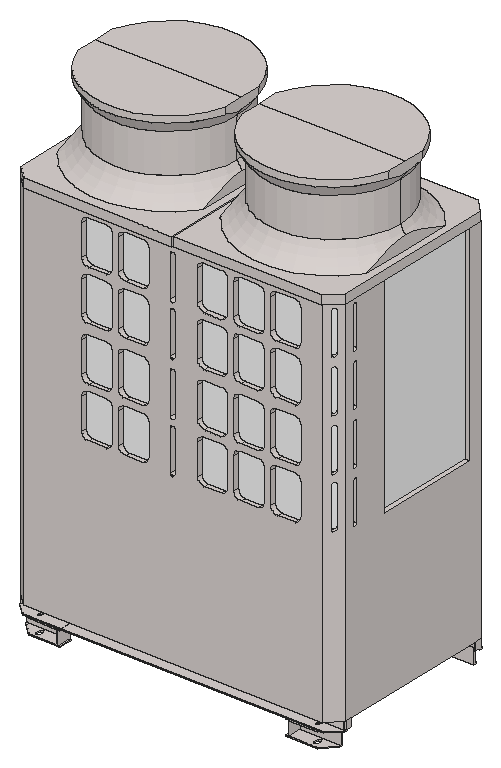
Revit family "PUHY-EM450YNW-A1", category 機械設備, Revit 2016 (continued)
Dimensions and locks
  curve 89 to cut or joined group 1 (Extrusion 1, Extrusion 2, Extrusion 3, Extrusion 4, Extrusion 5, Extrusion 6, Extrusion 7, Extrusion 8, Extrusion 9, Extrusion 10, Extrusion 11, Extrusion 12, Extrusion 13, Extrusion 14, Extrusion 15, Extrusion 16, Extrusion 17, Extrusion 18, Extrusion 19, Extrusion 20, Extrusion 21, Extrusion 22, Extrusion 23, Extrusion 24, Extrusion 25, Extrusion 26, Extrusion 27, Extrusion 28, Extrusion 29, Extrusion 30, Extrusion 31, Extrusion 32, Extrusion 33) = 216.000 mm
  cut or joined group 1 to curve 4 to curve 2 = 128.000 mm, 150.000 mm
  cut or joined group 1 to curve 1 to curve 3 = 79.000 mm, 94.000 mm
  Extrusion 32 sketch curve to nested 7 = 116.000 mm
  cut or joined group 1 to Extrusion 32 sketch curve = 160.000 mm
  cut or joined group 1 to Extrusion 33 sketch curve = 243.000 mm
  Extrusion 33 sketch curve to nested 7 = 116.000 mm
  aligned and locked: level to plane 2
  aligned and locked: Extrusion 1 to plane 4
Nested families
  nested 1: "FAN GUARD" at (-311.5, 0, 860), type "FAN GUARD"
    with WIDTH 870.000 mm
  nested 2: "FAN GUARD" at (311.5, 0, 860) x (-1, 0, 0) z (0, 0, 1), type "FAN GUARD"
    with WIDTH 870.000 mm
  nested 3: "ATTACHMENT LEG" at (-524, -349, 0), type "ATTACHMENT LEG"
  nested 4: "ATTACHMENT LEG" at (-524, 349, 0), type "ATTACHMENT LEG"
  nested 5: "ATTACHMENT LEG" at (524, -349, 0) x (-1, 0, 0) z (0, 0, 1), type "ATTACHMENT LEG"
  nested 6: "ATTACHMENT LEG" at (524, 349, 0) x (-1, 0, 0) z (0, 0, 1), type "ATTACHMENT LEG"
  nested 7: "BASE LEG_L" at (0, -352, 60), type "BASE LEG_L"
    with Width 1240.000 mm
  nested 8: "BASE LEG_L" at (0, 352, 60), type "BASE LEG_L"
    with Width 1240.000 mm
Connectors
  piping at (-460, -191, 176), diameter 15.88, driven by "Liquid pipe_radius"
    settings: on cut or joined group 1, index 3, connector inside diameter 15.88 mm, connector length 0.000 mm, flow factor 0, pipe flow 0.0 L/s, pressure drop 0.0 Pa, fitting loss kfactor 0, connector angle 0.00°, fixture units 0, engagement length 0.000 mm, angle of deflection 0.00°, flow configuration 0, flow direction 0, fitting loss method 0, system type 22, joint type 0, gender type 0, connector reference index -1, connector utility 0, adjustable connector no, is connector primary yes, connector description "Refrigerant service valve<Liquid pipe>"
  piping at (-377, -191, 176), diameter 28.58, driven by "Gas pipe_radius"
    settings: on cut or joined group 1, index 4, connector inside diameter 28.58 mm, connector length 0.000 mm, flow factor 0, pipe flow 0.0 L/s, pressure drop 0.0 Pa, fitting loss kfactor 0, connector angle 0.00°, fixture units 0, engagement length 0.000 mm, angle of deflection 0.00°, flow configuration 0, flow direction 0, fitting loss method 0, system type 22, joint type 0, gender type 0, connector reference index -1, connector utility 0, adjustable connector no, is connector primary no, connector description "Refrigerant service valve<Gas>"
  electrical at (0, -370, 808), driven by "Phase", driven by "Voltage"
    settings: on cut or joined group 1, index 5, voltage 380 V, apparent load 0 VA, apparent load phase1 0 VA, apparent load phase2 0 VA, apparent load phase3 0 VA, power factor 1, load classification "HVAC", number of poles 3, system type 30, power factor state 1, is connector primary yes, connector utility no, sub classification motor no, connector description ""
Definition of nested family "FAN GUARD"
  Parameters
    WIDTH [instance] = 870.000 mm
  Reference planes
    plane 1 "中心(正面/背面)": y = 0
    plane 2: z = 0
    plane 3 "ファンガード基準面": z = 661
    plane 4: y = 368
    plane 5: x = 366
    plane 6: x = -375
    plane 7 "ファンガード基準上面": z = 695
    plane 8 "ファンガード上面": z = 998
    plane 9: x = -273.971
    plane 10: x = 308.5
    plane 11: x = -308.5
    plane 12: x = 0
  Forms (mm)
    Extrusion 1, solid
      sketch origin (85, 0, 661) x (-1, 0, 0) y (0, -1, 0)
        loop
          line (343.5, -368) -> (393.5, -318) -> (393.5, 322) -> (342.5, 373) -> (-223.5, 373) -> (-223.5, -368) -> (343.5, -368)
      from 0 to 34
    Revolve 2, solid
      sketch origin (0, 0, 0) x (1, 0, 0) y (0, 0, 1)
        loop
          line (0, 695) -> (0, 998) -> (-290, 998) -> (-290, 972.327) -> (-260, 928.372) -> (-260, 777.384)
          arc (-260, 777.384) -> (-290.651, 730.137) -> (-334.665, 695) r 175.882
          line (-334.665, 695) -> (0, 695)
        axis (0, 998) -> (0, 695)
      angle from 0 to 360
    Extrusion 3, void
      sketch origin (-840, 75, 695) x (-1, 0, 0) y (0, -1, 0)
        loop
          line (-410, -165) -> (-410, 315) -> (-561.253, 315) -> (-561.253, -165) -> (-410, -165)
      from -35 to 430.592
    Extrusion 4, void
      sketch origin (840, 75, 695) x (1, 0, 0) y (0, 1, 0)
        loop
          line (-410, 165) -> (-561.253, 165) -> (-561.253, -315) -> (-410, -315) -> (-410, 165)
      from 0 to 430.592
  Cuts and joins
    Extrusion 3, Extrusion 4 cuts Revolve 2
    Extrusion 4 cuts Extrusion 1
  Lines and regions (mm)
    model lines
      curve 1: line (-278.747, 0, 998) -> (-80, 0, 998)
      curve 2: line (80, 0, 998) -> (278.747, 0, 998)
      curve 3: circle (0, 0, 998) r 80 normal (0, 0, 1)
      curve 4: line (-278.747, -80, 998) -> (278.747, -80, 998)
      curve 5: line (-241.868, -160, 998) -> (241.868, -160, 998)
      curve 6: line (-162.788, -240, 998) -> (162.788, -240, 998)
      curve 7: line (-278.747, 80, 998) -> (278.747, 80, 998)
      curve 8: line (-241.868, 160, 998) -> (240, 160, 998)
      curve 9: line (-160, 240, 998) -> (162.788, 240, 998)
      curve 10: line (0, 290, 998) -> (0, -290, 998)
      curve 11: line (-20, 289.31, 998) -> (-20, -289.31, 998)
      curve 12: line (-40, 287.228, 998) -> (-40, -287.228, 998)
      curve 13: line (-60, 283.725, 998) -> (-60, -283.725, 998)
      curve 14: line (-80, 278.747, 998) -> (-80, -278.747, 998)
      curve 15: line (20, 289.31, 998) -> (20, -289.31, 998)
      curve 16: line (40, 287.228, 998) -> (40, -287.228, 998)
      curve 17: line (60, 283.725, 998) -> (60, -283.725, 998)
      curve 18: line (80, 278.747, 998) -> (80, -278.747, 998)
      curve 19: line (100, 272.213, 998) -> (100, -272.213, 998)
      curve 20: line (120, 264.008, 998) -> (120, -264.008, 998)
      curve 21: line (140, 253.969, 998) -> (140, -253.969, 998)
      curve 22: line (160, 241.868, 998) -> (160, -243.132, 998)
      curve 23: line (180, 227.376, 998) -> (180, -227.624, 998)
      curve 24: line (200, 210, 998) -> (200, -210, 998)
      curve 25: line (220, 188.944, 998) -> (220, -188.944, 998)
      curve 26: line (240, 160, 998) -> (240, -162.788, 998)
      curve 27: line (260, 128.452, 998) -> (260, -128.452, 998)
      curve 28: line (-100, 272.213, 998) -> (-100, -272.213, 998)
      curve 29: line (-120, 264.008, 998) -> (-120, -264.008, 998)
      curve 30: line (-140, 253.969, 998) -> (-140, -253.969, 998)
      curve 31: line (-160, 240, 998) -> (-160, -241.868, 998)
      curve 32: line (-180, 227.376, 998) -> (-180, -227.376, 998)
      curve 33: line (-200, 210, 998) -> (-200, -210, 998)
      curve 34: line (-220, 188.944, 998) -> (-220, -188.944, 998)
      curve 35: line (-240, 162.788, 998) -> (-240, -162.788, 998)
      curve 36: line (-260, 128.452, 998) -> (-260, -128.452, 998)
      curve 37: line (10, 79.373, 998) -> (10, -79.373, 998)
      curve 38: line (-10, 79.373, 998) -> (-10, -79.373, 998)
      curve 39: line (30, 74.162, 998) -> (30, -74.162, 998)
      curve 40: line (50, 62.45, 998) -> (50, -62.45, 998)
      curve 41: line (70, 38.73, 998) -> (70, -38.73, 998)
      curve 42: line (-30, 74.162, 998) -> (-30, -74.162, 998)
      curve 43: line (-50, 62.45, 998) -> (-50, -62.45, 998)
      curve 44: line (-70, 38.73, 998) -> (-70, -38.73, 998)
  Dimensions and locks
    locked: plane 8 "ファンガード上面" to plane 7 "ファンガード基準上面" at 303
    plane 8 "ファンガード上面" to plane 3 "ファンガード基準面" = 337.000 mm
    Revolve 2 sketch curve to Revolve 2 sketch curve = 290.000 mm
    Extrusion 1 sketch curve to Extrusion 1 sketch curve = 741.000 mm
    equal spacing: Extrusion 1 sketch curve, plane 1 "中心(正面/背面)", Extrusion 1 sketch curve
    plane 6 to plane 5 = 741.000 mm
    Extrusion 1 sketch curve to Extrusion 1 sketch curve = 617.000 mm
    plane 11 to plane 10 = 617.000 mm
    cut or joined group of Extrusion 1, Extrusion 4 to cut or joined group of Extrusion 1, Extrusion 4 = 617.000 mm
    cut or joined group of Extrusion 1, Extrusion 4 to cut or joined group of Extrusion 1, Extrusion 4 = 741.000 mm
    aligned and locked: level to plane 2
    aligned and locked: plane 7 "ファンガード基準上面" to Extrusion 1
    aligned and locked: plane 3 "ファンガード基準面" to Extrusion 1
    aligned and locked: cut or joined group of Revolve 2, Extrusion 3, Extrusion 4 to plane 8 "ファンガード上面"
Definition of nested family "ATTACHMENT LEG"
  Parameters
    Width = 145.000 mm
  Reference planes
    plane 1: z = 0
    plane 2 "中心(左/右)": x = -6
    plane 3: x = -52
    plane 4: x = 85
    plane 5: x = 93
    plane 6: y = -21
    plane 7: y = 27
    plane 8: x = -30
    plane 9: y = 39
    plane 10: z = 60
    plane 11: z = 57
    plane 12: z = 3
    plane 13: x = 82
    plane 14: y = 36
    plane 15: x = -75
    plane 16: y = 31
    plane 17 "幅": x = 93
    plane 18: y = 2.5
    plane 19: y = 21
    plane 20: y = -10
  Forms (mm)
    Extrusion 1, solid
      sketch origin (0, -1, 0) x (1, 0, 0) y (0, 1, 0)
        loop
          line (-75, 36) -> (-75, 27) -> (-28, -20) -> (93, -20) -> (93, 32) -> (85, 32) -> (85, 36) -> (-75, 36)
      from 0 to 60
    Extrusion 2, void
      sketch origin (0, -3, 0) x (1, 0, 0) y (0, 0, 1)
        loop
          line (-75, 57) -> (-75, 3) -> (82, 3) -> (82, 57) -> (-75, 57)
        loop
          line (93, 57) -> (85, 57) -> (85, 3) -> (93, 3) -> (93, 57)
      from -35 to 18
    Extrusion 3, void
      sketch origin (-6, 5.5, 0) x (1, 0, 0) y (0, 1, 0)
        loop
          arc (-7, -8.5) -> (0, -15.5) -> (7, -8.5) r 7
          line (7, -8.5) -> (7, 8.5)
          arc (7, 8.5) -> (0, 15.5) -> (-7, 8.5) r 7
          line (-7, 8.5) -> (-7, -8.5)
      from 0 to 60
  Cuts and joins
    Extrusion 2, Extrusion 3 cuts Extrusion 1
  Dimensions and locks
    locked: plane 3 to plane 4 at 137
    locked: plane 3 to plane 5 at 145
    plane 6 to plane 7 = 48.000 mm
    locked: plane 10 to level at 60
    Extrusion 3 sketch curve to plane 2 "中心(左/右)" = 7.000 mm
    locked: plane 15 to plane 2 "中心(左/右)" at 69
    locked: plane 15 to plane 8 at 45
    locked: plane 6 to plane 18 at 23.5
    cut or joined group of Extrusion 1, Extrusion 2, Extrusion 3 to cut or joined group of Extrusion 1, Extrusion 2, Extrusion 3 = 168.000 mm
    cut or joined group of Extrusion 1, Extrusion 2, Extrusion 3 to cut or joined group of Extrusion 1, Extrusion 2, Extrusion 3 = 56.000 mm  (x2)
    plane 14 to plane 6 = 57.000 mm
    aligned and locked: level to plane 1
    aligned and locked: Extrusion 1 sketch curve to plane 4
    aligned and locked: Extrusion 1 sketch curve to plane 5
    aligned: plane 8 to Extrusion 1 sketch curve
    aligned and locked: plane 10 to Extrusion 1
    aligned and locked: Extrusion 2 sketch curve to plane 11
    aligned: plane 3 to Extrusion 2 sketch curve
    aligned and locked: plane 12 to Extrusion 2 sketch curve
    aligned and locked: Extrusion 2 sketch curve to plane 13
    aligned and locked: plane 6 to Extrusion 2
    aligned and locked: plane 11 to Extrusion 2 sketch curve
    aligned and locked: plane 5 to Extrusion 2 sketch curve
    aligned and locked: Extrusion 2 sketch curve to plane 12
    aligned and locked: Extrusion 2 sketch curve to plane 4
    aligned and locked: plane 15 to Extrusion 1 sketch curve
    aligned and locked: Extrusion 2 sketch curve to cut or joined group of Extrusion 1, Extrusion 2, Extrusion 3
    aligned and locked: Extrusion 1 to plane 16
Definition of nested family "BASE LEG_L"
  Parameters
    Width [instance] = 1240.000 mm
  Reference planes
    plane 1 "中心(正面/背面)": y = 0
    plane 2: z = 0
    plane 3 "中心(左/右)": x = 0
    plane 4: x = 620
    plane 5: x = -620
    plane 6: x = -530
    plane 7: x = 530
    plane 8: y = -18
    plane 9: y = 39
    plane 10: z = 53
    plane 11: y = 42
    plane 12: y = 27
    plane 13: x = 575
    plane 14: x = -575
    plane 15: z = 8
    plane 16: y = 11.5
    plane 17: z = 35
  Forms (mm)
    Extrusion 1, solid
      sketch origin (0, 0, 0) x (0, 1, 0) y (0, 0, 1)
        loop
          line (-18, 0) -> (36, 0) -> (36, 32) -> (56, 32) -> (56, 35) -> (33, 35) -> (33, 3) -> (-18, 3) -> (-18, 0)
      from -620 to 620
    Extrusion 2, void
      sketch origin (0, 0, 0) x (1, 0, 0) y (0, 1, 0)
        loop
          line (575, -18) -> (620, -18) -> (620, 27) -> (575, -18)
        loop
          line (-575, -18) -> (-620, 27) -> (-620, -18) -> (-575, -18)
      from 0 to 250
    Extrusion 3, void
      sketch origin (0, 12.023, 0) x (1, 0, 0) y (0, 1, 0)
        loop
          arc (523, -2.971) -> (530, -9.971) -> (537, -2.971) r 7
          line (537, -2.971) -> (537, 3.023)
          arc (537, 3.023) -> (530, 10.023) -> (523, 3.023) r 7
          line (523, 3.023) -> (523, -2.971)
        loop
          line (-523, -2.971) -> (-523, 3.023)
          arc (-523, 3.023) -> (-530, 10.023) -> (-537, 3.023) r 7
          line (-537, 3.023) -> (-537, -2.971)
          arc (-537, -2.971) -> (-530, -9.971) -> (-523, -2.971) r 7
      from 0 to 250
    Extrusion 4, solid
      sketch origin (0, 0, -3) x (1, 0, 0) y (0, 0, 1)
        loop
          line (617, 8) -> (620, 8) -> (620, 35) -> (617, 35) -> (617, 8)
        loop
          line (-617, 8) -> (-617, 35) -> (-620, 35) -> (-620, 8) -> (-617, 8)
      from -36 to -56
    Extrusion 5, solid
      sketch origin (150, 352, 0) x (1, 0, 0) y (0, 1, 0)
        loop
          line (460, -319) -> (455, -319) -> (455, -320) -> (405, -370) -> (410, -370) -> (460, -320) -> (460, -319)
      from 3 to 35
    Extrusion 6, void
      sketch origin (560, -18, 0) x (0.707107, 0.707107, 0) y (0, 0, 1)
        loop
          line (70.711, 3) -> (-6.741, 39.767) -> (-6.741, 3) -> (70.711, 3)
      from -190.256 to 23.776
    Extrusion 7, solid
      sketch origin (-150, 352, 0) x (-1, 0, 0) y (0, -1, 0)
        loop
          line (460, 319) -> (460, 320) -> (410, 370) -> (405, 370) -> (455, 320) -> (455, 319) -> (460, 319)
      from 3 to 35
    Extrusion 8, void
      sketch origin (-560, -18, 0) x (0.707107, -0.707107, 0) y (0, 0, -1)
        loop
          line (-70.711, -3) -> (0, -35) -> (6.741, -35) -> (6.741, -3) -> (-70.711, -3)
      from -190.256 to 23.776
  Cuts and joins
    Extrusion 2, Extrusion 3 cuts Extrusion 1
    joined: Extrusion 1, Extrusion 4
    Extrusion 8 cuts Extrusion 7
    Extrusion 6 cuts Extrusion 5
  Dimensions and locks
    "Width": plane 5 to plane 4
    equal spacing: plane 5, plane 3 "中心(左/右)", plane 4
    locked: plane 5 to plane 6 at 90
    locked: plane 7 to plane 4 at 90
    locked: plane 8 to plane 9 at 57
    locked: plane 10 to level at 53
    locked: plane 9 to plane 11 at 3
    plane 8 to plane 12 = 45.000 mm
    locked: plane 13 to plane 4 at 45
    locked: plane 5 to plane 14 at 45
    equal spacing: Extrusion 3 sketch curve, plane 7, Extrusion 3 sketch curve
    equal spacing: Extrusion 3 sketch curve, plane 6, Extrusion 3 sketch curve
    locked: plane 10 to plane 15 at 45
    locked: cut or joined group of Extrusion 1, Extrusion 2, Extrusion 3, Extrusion 4 to Extrusion 4 sketch curve at 3  (x2)
    locked: plane 8 to plane 16 at 29.5
    plane 8 to plane 11 = 60.000 mm
    cut or joined group of Extrusion 1, Extrusion 2, Extrusion 3, Extrusion 4 to cut or joined group of Extrusion 1, Extrusion 2, Extrusion 3, Extrusion 4 = 35.000 mm
    aligned and locked: level to plane 2
    aligned and locked: plane 8 to Extrusion 1 sketch curve
    aligned and locked: plane 4 to Extrusion 1
    aligned and locked: Extrusion 1 to plane 5
    aligned and locked: Extrusion 2 sketch curve to plane 4
    aligned and locked: Extrusion 2 sketch curve to plane 8
    aligned and locked: plane 12 to Extrusion 2 sketch curve
    aligned and locked: plane 13 to Extrusion 2 sketch curve
    aligned and locked: plane 4 to Extrusion 4 sketch curve
    aligned and locked: plane 5 to Extrusion 4 sketch curve
    aligned and locked: cut or joined group of Extrusion 7, Extrusion 8 to cut or joined group of Extrusion 1, Extrusion 2, Extrusion 3, Extrusion 4
  Automatic sketch dimensions
    Extrusion 3 sketch curve to plane 1 "中心(正面/背面)" = 9.052 mm  (x2)
    Extrusion 3 sketch curve to plane 7 = 7.000 mm
    Extrusion 3 sketch curve to plane 1 "中心(正面/背面)" = 15.046 mm  (x2)
    Extrusion 3 sketch curve to plane 6 = 7.000 mm
    Extrusion 2 sketch curve to plane 5 = 0.000 mm
    plane 8 to Extrusion 2 sketch curve = 0.000 mm
    Extrusion 2 sketch curve to plane 14 = 0.000 mm
    plane 12 to Extrusion 2 sketch curve = 0.000 mm
    Extrusion 4 sketch curve to plane 10 = 21.000 mm
    plane 7 to Extrusion 5 sketch curve = 25.000 mm
    Extrusion 5 sketch curve to Extrusion 5 sketch curve = 5.000 mm  (x2)
    plane 7 to Extrusion 5 sketch curve = 75.000 mm
    plane 8 to Extrusion 5 sketch curve = 0.000 mm
    Extrusion 5 sketch curve to Extrusion 5 sketch curve = 50.000 mm
    Extrusion 5 sketch curve to Extrusion 5 sketch curve = 0.000 mm
    Extrusion 5 sketch curve to Extrusion 5 sketch curve = 1.000 mm
    Extrusion 6 sketch curve to Extrusion 5 = 0.000 mm  (x2)
    Extrusion 6 sketch curve to Extrusion 5 = 6.741 mm
    Extrusion 6 sketch curve to Extrusion 5 = 4.767 mm
    plane 6 to Extrusion 7 sketch curve = 25.000 mm
    Extrusion 7 sketch curve to Extrusion 7 sketch curve = 5.000 mm  (x2)
    Extrusion 7 sketch curve to Extrusion 7 sketch curve = 45.000 mm
    Extrusion 7 sketch curve to plane 8 = 0.000 mm
    Extrusion 7 sketch curve to Extrusion 7 sketch curve = 50.000 mm
    Extrusion 7 sketch curve to Extrusion 7 sketch curve = 0.000 mm
    Extrusion 7 sketch curve to Extrusion 7 sketch curve = 1.000 mm
    Extrusion 8 sketch curve to Extrusion 7 = 0.000 mm  (x2)
    Extrusion 7 to Extrusion 8 sketch curve = 0.000 mm  (x2)
    Extrusion 7 to Extrusion 8 sketch curve = 6.741 mm
    Extrusion 4 sketch curve to plane 17 = 3.000 mm
    Extrusion 4 sketch curve to plane 15 = 3.000 mm  (x2)
    Extrusion 1 sketch curve to plane 17 = 0.000 mm
    Extrusion 1 sketch curve to level = 0.000 mm
    level to Extrusion 1 sketch curve = 3.000 mm
    plane 9 to Extrusion 1 sketch curve = 6.000 mm
    plane 9 to Extrusion 1 sketch curve = 3.000 mm
    Extrusion 1 sketch curve to plane 17 = 3.000 mm
    Extrusion 1 sketch curve to plane 11 = 14.000 mm
Types (6, lengths in mm): name | Voltage | Rated Load Ampacity (A) Heating mode | Rated Load Ampacity (A) Cooling mode | Hertz | Heating Current (A) | Cooling Current (A)
  PUHY-EM450YNW-A1_380V_50Hz | 380 V | 26.4 | 23.9 | 50 Hz | 26.4 | 23.9
  PUHY-EM450YNW-A1_380V_60Hz | 380 V | 26.4 | 23.9 | 60 Hz | 26.4 | 23.9
  PUHY-EM450YNW-A1_400V_50Hz | 400 V | 25.1 | 22.7 | 50 Hz | 25.1 | 22.7
  PUHY-EM450YNW-A1_400V_60Hz | 400 V | 25.1 | 22.7 | 60 Hz | 25.1 | 22.7
  PUHY-EM450YNW-A1_415V_50Hz | 415 V | 24.2 | 21.9 | 50 Hz | 24.2 | 21.9
  PUHY-EM450YNW-A1_415V_60Hz | 415 V | 24.2 | 21.9 | 60 Hz | 24.2 | 21.9
